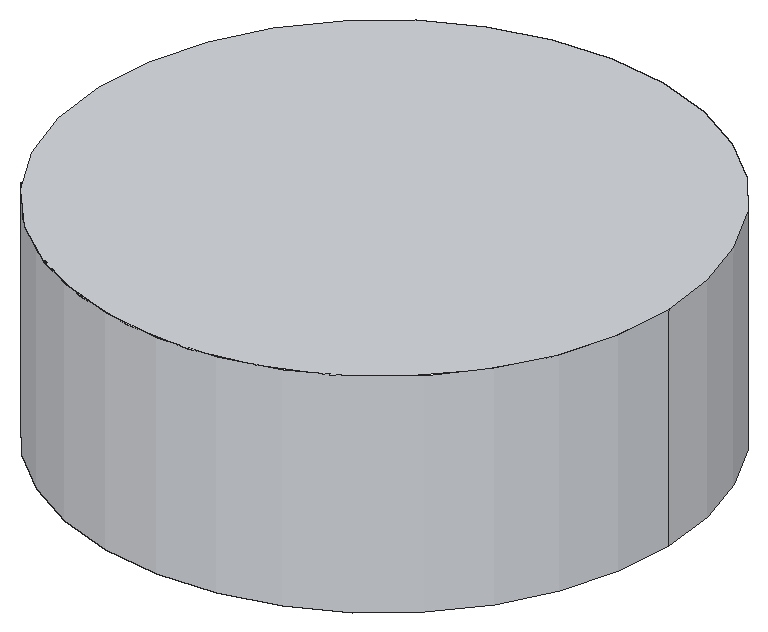
Revit family "M_Caixa de junção plana redonda", category Iluminação elétrica, Revit 2019
Family settings
  Manter orientação da anotação = Sim
  Cota do conector redondo = Utilizar diâmetro
  Tipo de parte = Caixa de junção
  Número OmniClass = 23.80.30.14.24
  Título OmniClass = Junction Boxes
  ID de item do Seek = Round Plain Junction Box-0000-CAN-ENU
  Com base no plano de trabalho = Não
  Sempre na vertical = Sim
  Corte com vazios quando carregada = Não
  Compartilhado = Não
  Ponto de cálculo do ambiente = Não
Parameters (values of type "120V")
  Voltagem = 120 V
  Raio = Diâmetro * 0.5  # 51 mm
  Power Factor [instance] = 1
  Número de pólos = 1
  Material = none
  Classificação de carga = Potência
  Carga [instance] = 500 VA
  Diâmetro = 102 mm
  Legenda = "J"
  Altura = 38 mm
Types (5, lengths in mm): name | Voltagem | Número de pólos
  (no name) | 120 V | 1
  120V | 120 V | 1
  208V | 208 V | 3
  277V | 277 V | 1
  480V | 480 V | 3
Reference planes
  plane 1 "Centro (Frente/Trás)": y = 0
  plane 2: z = 0
  plane 3 "Centro (Esquerda/Direita)": x = 0
  plane 4: z = 38
Forms (mm)
  Extrusion 1, solid, material <- "Material"
    sketch origin (0, 0, 0) x (1, 0, 0) y (0, 1, 0)
      loop
        circle (0, 0) r 51
    from 0 to 38
Lines and regions (mm)
  symbolic lines, detail levels fine
    curve 1: arc (51, 0, 0) -> (0, 51, 0) -> (-51, 0, 0) r 51
    curve 2: arc (-51, 0, 0) -> (0, -51, 0) -> (51, 0, 0) r 51
Dimensions and locks
  "Altura": plane 4 to plane 2
  "Raio": radius of Extrusion 1 sketch curve
  aligned and locked: plane 1 "Centro (Frente/Trás)" to Extrusion 1 sketch curve
  aligned and locked: plane 3 "Centro (Esquerda/Direita)" to Extrusion 1 sketch curve
  aligned and locked: Extrusion 1 to plane 2
  aligned and locked: plane 4 to Extrusion 1
  aligned and locked: plane 1 "Centro (Frente/Trás)" to nested 1
  aligned and locked: plane 3 "Centro (Esquerda/Direita)" to nested 1
  aligned and locked: curve 1 to Extrusion 1
  aligned and locked: curve 2 to Extrusion 1
Nested families
  nested 1: "M_Anotação da caixa de junção plana redonda" at (0, 0, 0), type "Anotação da caixa de junção lisa redonda", detail levels coarse+medium
Connectors
  electrical at (0, 0, 38), driven by "Número de pólos", driven by "Voltagem", driven by "Carga", driven by "Power Factor", driven by "Classificação de carga"
    settings: on Extrusion 1, index 1, voltage 120 V, apparent load 500 VA, apparent load phase1 0 VA, apparent load phase2 0 VA, apparent load phase3 0 VA, power factor 1, load classification "Potência", number of poles 1, system type 30, power factor state 1, is connector primary yes, connector utility no, sub classification motor no, connector description ""
Definition of nested family "M_Anotação da caixa de junção plana redonda"
  Parameters
    Anotação de legenda = "J"
  Reference planes
    plane 1: y = 0
    plane 2: x = 0
  Lines and regions (mm)
    reference lines
      curve 1: line (2.381, 9.274, 0) -> (2.381, -7.768, 0)
    detail lines
      curve 2: circle (0, 0, 0) r 2.381 normal (0, 0, 1)
  Text (mm)
    label "J" at (-0.802, -0.081, 0), shows "Anotação de legenda"
  Dimensions and locks
    locked: plane 2 to curve 1 at 2.381
    radius of curve 2 = 2.381 mm
    aligned and locked: plane 1 to curve 2
    aligned and locked: plane 2 to curve 2
